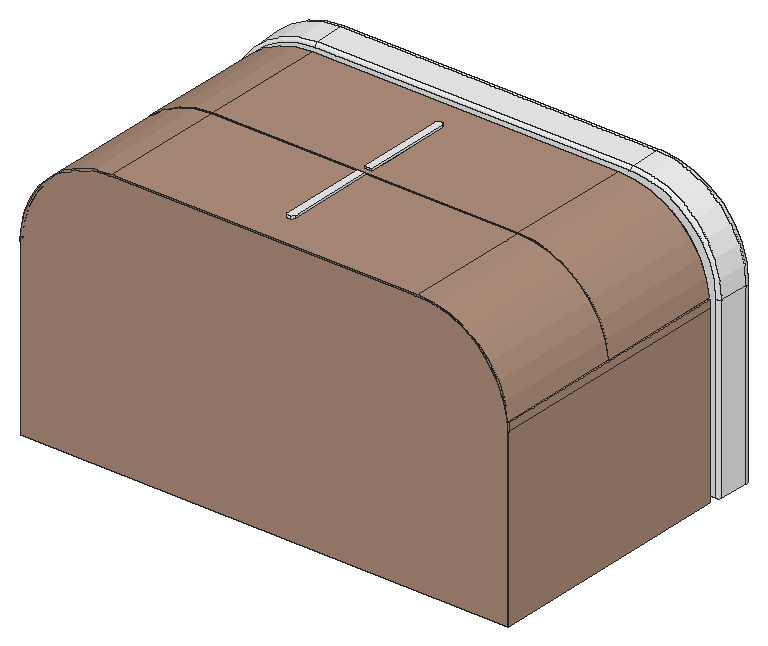
Revit family "Basin-Wall_Hung-DXV-EQUILITY-D21415033", category Plumbing Fixtures, host Face, Revit 2014
Parameters (values of type "D21415033.414")
  Wood Finish = Wood-DXV-414-Natural Oak
  Width = 32 3/4"  # constant formula
  Waste Connection Radius = 5/8"  # constant formula
  Waste Connection Height = 18 1/8"  # constant formula
  Waste Connection Diameter = Waste Connection Radius * 2  # 1 1/4"
  Waste Connection = yes
  Warranty Documentation Link = "https://www.dxv.com/-/media/files/dxv/warranty/dxv_warranty_booklet.ashx"
  WFU = 2  # constant formula
  Vent Connection = no
  URL = "https://www.dxv.com/"
  Type Comments = ""
  Product Page URL = "https://www.dxv.com/product/equility-33-wall-hung-vanity"
  Product Documentation Link = "https://dxv01.blob.core.windows.net/dxv-product-pdf-files/spec_D21415033_DXV_Lyndon_33in_wh_vanity_EN.pdf"
  Price = "Prices may vary. Please consult Manufacturer Representative for most up-to-date price list."  # constant formula
  Model = "D21415033.414"
  Materials = Fine Fire Clay-DXV-415-Canvas White
  Manufacturer = "DXV"  # constant formula
  Length = 17 11/16"  # constant formula
  Installation Type = "Wall-Mounted"  # constant formula
  Hot Water Connection Width = 4"  # constant formula
  Hot Water Connection Radius = 1/4"  # constant formula
  Hot Water Connection Height = 19 3/4"  # constant formula
  Hot Water Connection Diameter = Hot Water Connection Radius * 2  # 1/2"
  Height = 2 9/16"  # constant formula
  HWFU = 1.5  # constant formula
  HW Connection = yes
  Description = "EQUILITY™(Formerly LYNDON®) 22\" WALL-HUNG VANITY conjunction with 22\" Equility Lavatory (D20075001.415) Natural Oak (414)"
  Default Elevation = 34"
  Creation Date = "3/13/19"  # constant formula
  Cold Water Connection Width = 4"  # constant formula
  Cold Water Connection Radius = 1/4"  # constant formula
  Cold Water Connection Height = Hot Water Connection Height  # 19 3/4"
  Cold Water Connection Diameter = Cold Water Connection Radius * 2  # 1/2"
  CWFU = 1.5  # constant formula
  CW Connection = yes
  Basin Shape = "Rectangle Rounded Front"  # constant formula
  Assembly Code = "D2010310"
Types (3): name | Wood Finish | Model | Description
  (no name) | Wood-DXV-414-Natural Oak | "D21415033.414" | "EQUILITY™(Formerly LYNDON®) 22\" WALL-HUNG VANITY conjunction with 22\" Equility Lavatory (D20075001.415) Natural Oak (414)"
  D21415033.414 | Wood-DXV-414-Natural Oak | "D21415033.414" | "EQUILITY™(Formerly LYNDON®) 22\" WALL-HUNG VANITY conjunction with 22\" Equility Lavatory (D20075001.415) Natural Oak (414)"
  D21415033.610 | Wood-DXV-610-Wenge | "D21415033.610" | "EQUILITY™(Formerly LYNDON®) 33\" WALL-HUNG VANITY conjunction with 22\" Equility Lavatory (D20076001.415) Wenge (610)"
Reference planes (in)
  plane 1 "Center (Front/Back)": y = -2.1875
  plane 2: z = 0
  plane 3 "Center (Left/Right)": x = 0
  plane 4: y = -36.1875
  plane 5: y = -18.0625
  plane 6: y = -16.4375
  plane 7: y = -4.75
  plane 8: x = 4
  plane 9: x = -4
  plane 10: x = 10.53125
  plane 11: x = -10.53125
  plane 12: z = 7.875
  plane 13: z = 2.4375
  plane 14: x = 0.6875
  plane 15: x = -0.6875
  plane 16: x = 0.875
  plane 17: x = -0.875
  plane 18: y = -21.9375
  plane 19: y = -13.6875
  plane 20: y = -13.625
  plane 21: y = -5.375
  plane 22: z = 16.8125
  plane 23: z = 17.4375
  plane 24: x = 16.375
  plane 25: x = -16.375
  plane 26: z = 17.6875
  plane 27: z = 17.6875
  plane 28: z = 17.5625
  plane 29: z = 12
Forms (in)
  Extrusion 1, solid, material "Fine Fire Clay-DXV-415-Canvas White" <- "Materials"
    sketch origin (0, 0.625, 11) x (1, 0, 0) y (0, 0, -1)
      loop
        line (-16.375, 11) -> (-16.375, -0.6875)
        arc (-16.375, -0.6875) -> (-14.61764, -4.93014) -> (-10.375, -6.6875) r 6
        line (-10.375, -6.6875) -> (10.375, -6.6875)
        arc (10.375, -6.6875) -> (14.61764, -4.93014) -> (16.375, -0.6875) r 6
        line (16.375, -0.6875) -> (16.375, 11) -> (-16.375, 11)
      loop
        line (-9.625, 6.3125) -> (-9.625, -1.6875)
        arc (-9.625, -1.6875) -> (-8.45343, -4.51593) -> (-5.625, -5.6875) r 4
        line (-5.625, -5.6875) -> (5.625, -5.6875)
        arc (5.625, -5.6875) -> (8.45343, -4.51593) -> (9.625, -1.6875) r 4
        line (9.625, -1.6875) -> (9.625, 6.3125) -> (-9.625, 6.3125)
    from -5.375 to -2.8125
  Extrusion 2, void
    sketch origin (0, -1.75, 11) x (1, 0, 0) y (0, 0, -1)
      loop
        circle (0, 8.5625) r 0.6875
    from -3.75 to 2.77069
  Extrusion 3, solid, material "Fine Fire Clay-DXV-415-Canvas White" <- "Materials"
    sketch origin (0, -5.125, 11.4375) x (1, 0, 0) y (0, 0, -1)
      loop
        line (-9.75, 10.125) -> (-9.75, 6.6875) -> (9.625, 6.6875) -> (9.625, 10.125) -> (-9.75, 10.125)
    from -0.375 to 2.9375
  Extrusion 4, solid, not visible
    sketch origin (0, 0, 0) x (1, 0, 0) y (0, 1, 0)
      loop
        circle (-4, -16.4375) r 0.25
      loop
        circle (0, -18.0625) r 0.625
      loop
        circle (4, -16.4375) r 0.25
    from 0 to 0.0625
  Sweep 5, void
    path origin (0, -2.1875, 11.4375) x (1, 0, 0) y (0, 0, -1)
      loop
        line (-9.75, 6.6875) -> (9.625, 6.6875)
    profile origin (-0.0625, -2.1875, 4.75) x (0, 0, -1) y (0, 1, 0)
      loop
        line (0.12464, 0) -> (0.12464, 0.03125) -> (-0.03125, 0.03125) -> (-0.03125, -0.10278) -> (0, -0.10278) -> (0, -0.0625)
        arc (0, -0.0625) -> (0.01831, -0.01831) -> (0.0625, 0) r 0.0625
        line (0.0625, 0) -> (0.12464, 0)
  Sweep 6, solid, material "Wood-DXV-414-Natural Oak" <- "Wood Finish"
    path origin (0, -2.1875, 0) x (1, 0, 0) y (0, 0, 1)
      loop
        line (16.0625, 0) -> (16.0625, 11.4375)
        arc (16.0625, 11.4375) -> (14.30514, 15.68014) -> (10.0625, 17.4375) r 6
        line (10.0625, 17.4375) -> (-10.0625, 17.4375)
        arc (-10.0625, 17.4375) -> (-14.30514, 15.68014) -> (-16.0625, 11.4375) r 6
        line (-16.0625, 11.4375) -> (-16.0625, 0)
    profile origin (0, -2.1875, 17.4375) x (0, 0, -1) y (0, -1, 0)
      loop
        line (0, 3.1875) -> (0.625, 3.1875) -> (0.625, 2.5625) -> (0.85286, 2.5625) -> (0.85286, 2.625) -> (0.71278, 2.625) -> (0.71278, 3.25566) -> (0.125, 3.25566) -> (0.125, 19.65054) -> (2.3125, 19.65054) -> (2.3125, 19.75) -> (0.03125, 19.75)
        arc (0.03125, 19.75) -> (0.00915, 19.74085) -> (0, 19.71875) r 0.03125
        line (0, 19.71875) -> (0, 3.1875)
  Sweep 7, void
    path origin (0, -3.75, 11.9375) x (1, 0, 0) y (0, 0, -1)
      loop
        arc (15.73897, -0.08492) -> (13.85567, -3.72616) -> (10.02553, -5.1875) r 5.75
        line (10.02553, -5.1875) -> (-10.044, -5.1875)
        arc (-10.044, -5.1875) -> (-13.88209, -3.71904) -> (-15.7598, -0.06372) r 5.75
    profile origin (-13.88209, -3.75, 15.65654) x (-0.667493, 0, 0.744616) y (0, 1, 0)
      loop
        line (0.68502, -9.875) -> (0.23197, -9.875) -> (0.23197, -9.9375) -> (0.68502, -9.9375) -> (0.68502, -9.875)
  Extrusion 8, solid, material "Metal-DXV-414-Polished Chrome"
    sketch origin (0, 0, 0) x (1, 0, 0) y (0, 1, 0)
      loop
        arc (0.25, -7.62482) -> (0, -7.37482) -> (-0.25, -7.62482) r 0.25
        line (-0.25, -7.62482) -> (-0.25, -13.37202) -> (0.25, -13.37202) -> (0.25, -7.62482)
      loop
        arc (-0.25, -19.6875) -> (0, -19.9375) -> (0.25, -19.6875) r 0.25
        line (0.25, -19.6875) -> (0.25, -13.9375) -> (-0.25, -13.9375) -> (-0.25, -19.6875)
    from 17.5625 to 17.6875
  Extrusion 9, solid, material "Metal-DXV-414-Polished Chrome"
    sketch origin (0, 0, -0.125) x (1, 0, 0) y (0, 1, 0)
      loop
        line (-0.125, -14.93912) -> (-0.125, -18.06628)
        arc (-0.125, -18.06628) -> (0, -18.19128) -> (0.125, -18.06628) r 0.125
        line (0.125, -18.06628) -> (0.125, -14.93912) -> (-0.125, -14.93912)
      loop
        line (-0.125, -9.24047) -> (-0.125, -12.3704) -> (0.125, -12.3704) -> (0.125, -9.24047)
        arc (0.125, -9.24047) -> (0, -9.11547) -> (-0.125, -9.24047) r 0.125
    from 17.5625 to 17.6875
  Extrusion 10, solid, material "Wood-DXV-414-Natural Oak" <- "Wood Finish"
    sketch origin (0, -17.7031, 0.375) x (1, 0, 0) y (0, 0, 1)
      loop
        line (-13.75, -0.375) -> (13.75, -0.375) -> (13.75, 11.0625)
        arc (13.75, 11.0625) -> (12.66996, 13.66996) -> (10.0625, 14.75) r 3.6875
        line (10.0625, 14.75) -> (-10.0625, 14.75)
        arc (-10.0625, 14.75) -> (-12.66996, 13.66996) -> (-13.75, 11.0625) r 3.6875
        line (-13.75, 11.0625) -> (-13.75, -0.375)
    from 4.13495 to 4.2344
  Sweep 11, void
    path origin (0, -0.61894, 11) x (1, 0, 0) y (0, 0, -1)
      loop
        line (-16.375, 11) -> (-16.375, -0.6875)
        arc (-16.375, -0.6875) -> (-14.61764, -4.93014) -> (-10.375, -6.6875) r 6
        line (-10.375, -6.6875) -> (10.375, -6.6875)
        arc (10.375, -6.6875) -> (14.61764, -4.93014) -> (16.375, -0.6875) r 6
        line (16.375, -0.6875) -> (16.375, 11)
    profile origin (16.375, -0.61894, 5.84375) x (0, 1, 0) y (-1, 0, 0)
      loop
        line (-2.02186, 0.09828) -> (-3.9217, 0.17637)
        arc (-3.9217, 0.17637) -> (-4.07026, 0.24334) -> (-4.13106, 0.39451) r 0.21833
        line (-4.13106, 0.39451) -> (-4.13106, 0.61302) -> (-4.25919, 0.61302) -> (-4.25919, -0.13823) -> (-1.40611, -0.13823) -> (-1.40611, 1) -> (-1.56856, 1) -> (-1.56856, 0.53332)
        arc (-1.56856, 0.53332) -> (-1.70248, 0.21918) -> (-2.02186, 0.09828) r 0.43541
  Sweep 12, solid, material "Fine Fire Clay-DXV-415-Canvas White" <- "Materials"
    path origin (0, -2.15999, 0.00781) x (1, 0, 0) y (0, 0, 1)
      loop
        line (-9.625, -0.00781) -> (-9.625, 12.67969)
        arc (-9.625, 12.67969) -> (-8.45343, 15.50811) -> (-5.625, 16.67969) r 4
        line (-5.625, 16.67969) -> (5.625, 16.67969)
        arc (5.625, 16.67969) -> (8.45343, 15.50811) -> (9.625, 12.67969) r 4
        line (9.625, 12.67969) -> (9.625, -0.24166)
    profile origin (0, -2.15999, 16.6875) x (0, 0, 1) y (0, -1, 0)
      loop
        arc (0.20494, 0.02751) -> (-0.98746, 2.75208) -> (-3.35763, 4.54855) r 5.89868
        arc (-3.35763, 4.54855) -> (-3.46937, 4.58254) -> (-3.5856, 4.59402) r 0.59424
        line (-3.5856, 4.59402) -> (-3.66606, 4.59402) -> (-3.66606, 4.39209) -> (-3.51465, 4.39209)
        arc (-3.51465, 4.39209) -> (-3.47074, 4.38777) -> (-3.42851, 4.37498) r 0.22541
        arc (-3.42851, 4.37498) -> (-1.13859, 2.64893) -> (0.02379, 0.02751) r 5.71118
        line (0.02379, 0.02751) -> (0.20494, 0.02751)
  Extrusion 13, solid, material "Fine Fire Clay-DXV-415-Canvas White" <- "Materials"
    sketch origin (0, -5.90999, 11) x (1, 0, 0) y (0, 0, -1)
      loop
        line (5.95894, 6.6875) -> (-5.95894, 6.6875) -> (-5.95894, -1.6875)
        arc (-5.95894, -1.6875) -> (-5.86113, -1.92363) -> (-5.625, -2.02144) r 0.33394
        line (-5.625, -2.02144) -> (5.625, -2.02144)
        arc (5.625, -2.02144) -> (5.86113, -1.92363) -> (5.95894, -1.6875) r 0.33394
        line (5.95894, -1.6875) -> (5.95894, 6.6875)
    from -0.84402 to -0.64209
  Extrusion 14, solid, material "Fine Fire Clay-DXV-415-Canvas White" <- "Materials"
    sketch origin (0, -2.15999, 0.375) x (1, 0, 0) y (0, 0, 1)
      loop
        line (2.25, 6.125) -> (2.25, 8)
        arc (2.25, 8) -> (1.88388, 8.88388) -> (1, 9.25) r 1.25
        line (1, 9.25) -> (-1, 9.25)
        arc (-1, 9.25) -> (-1.88388, 8.88388) -> (-2.25, 8) r 1.25
        line (-2.25, 8) -> (-2.25, 6.125)
        arc (-2.25, 6.125) -> (-2.10355, 5.77145) -> (-1.75, 5.625) r 0.5
        line (-1.75, 5.625) -> (1.75, 5.625)
        arc (1.75, 5.625) -> (2.10355, 5.77145) -> (2.25, 6.125) r 0.5
    from 4.29026 to 4.3594
  Extrusion 15, void
    sketch origin (-0.125, -2.1875, -1.22878) x (1, 0, 0) y (0, 0, 1)
      loop
        line (-15.9375, 13.29128) -> (-15.9375, 13.22878) -> (-15.82937, 13.22878) -> (-15.82937, 13.29128) -> (-15.9375, 13.29128)
    from 3.07654 to 19.92705
  Extrusion 16, void
    sketch origin (0.97656, -2.1875, 0.52122) x (-1, 0, 0) y (0, 0, -1)
      loop
        line (-15.12985, -11.54128) -> (-14.97624, -11.54128) -> (-14.97624, -11.47878) -> (-15.12985, -11.47878) -> (-15.12985, -11.54128)
    from 3.02865 to 21.44356
Cuts and joins
  Extrusion 2, Sweep 11 cuts Extrusion 1
  Extrusion 2, Sweep 5, Sweep 11 cuts Extrusion 3
  Extrusion 2, Sweep 11 cuts Sweep 12
  Extrusion 2, Sweep 11 cuts Extrusion 13
  joined: Extrusion 1, Extrusion 3, Sweep 12, Extrusion 13
  Sweep 7, Extrusion 15, Extrusion 16 cuts Sweep 6
  Extrusion 16 cuts Extrusion 10
  joined: Sweep 6, Extrusion 10
Lines and regions (in)
  Masking region 1
    outline origin (0, -3.75, 11) x (1, 0, 0) y (0, 0, -1)
      loop
        line (16.375, -0.6875) -> (16.375, 11) -> (-16.375, 11) -> (-16.375, -0.6875)
        arc (-16.375, -0.6875) -> (-14.61764, -4.93014) -> (-10.375, -6.6875) r 6
        line (-10.375, -6.6875) -> (10.375, -6.6875)
        arc (10.375, -6.6875) -> (14.61764, -4.93014) -> (16.375, -0.6875) r 6
  symbolic lines, detail levels medium+fine
    curve 1: line (9.625, -2.1875, 4.75) -> (9.625, -2.1875, 12.68799)
    curve 2: line (-9.625, -2.1875, 12.68837) -> (-9.625, -2.1875, 4.75)
    curve 3: line (-9.625, -2.1875, 4.75) -> (9.625, -2.1875, 4.75)
    curve 4: line (5.62549, -2.1875, 16.6875) -> (-5.62587, -2.1875, 16.6875)
    curve 5: arc (5.62549, -2.1875, 16.6875) -> (8.45357, -2.1875, 15.51607) -> (9.625, -2.1875, 12.68799) r 3.99951
    curve 6: arc (-9.625, -2.1875, 12.68837) -> (-8.45368, -2.1875, 15.51618) -> (-5.62587, -2.1875, 16.6875) r 3.99913
  symbolic lines, detail levels fine
    curve 7: circle (0, -2.1875, 2.4375) r 0.6875 normal (0, 1, 0)
    curve 8: arc (1, -2.1875, 9.625) -> (1.88388, -2.1875, 9.25888) -> (2.25, -2.1875, 8.375) r 1.25
    curve 9: line (2.25, -2.1875, 8.375) -> (2.25, -2.1875, 6.5)
    curve 10: arc (2.25, -2.1875, 6.5) -> (2.10355, -2.1875, 6.14645) -> (1.75, -2.1875, 6) r 0.5
    curve 11: line (1.75, -2.1875, 6) -> (-1.75, -2.1875, 6)
    curve 12: arc (-1.75, -2.1875, 6) -> (-2.10355, -2.1875, 6.14645) -> (-2.25, -2.1875, 6.5) r 0.5
    curve 13: line (-2.25, -2.1875, 6.5) -> (-2.25, -2.1875, 8.375)
    curve 14: arc (-2.25, -2.1875, 8.375) -> (-1.88388, -2.1875, 9.25888) -> (-1, -2.1875, 9.625) r 1.25
    curve 15: line (-1, -2.1875, 9.625) -> (1, -2.1875, 9.625)
Dimensions and locks (in)
  "Waste Connection Height": plane 5 to plane 4
  "Hot Water Connection Height": plane 6 to plane 4
  plane 4 to plane 1 "Center (Front/Back)" = 34"
  plane 9 to plane 8 = 8"  (x2)
  "Hot Water Connection Width": plane 9 to plane 3 "Center (Left/Right)"
  "Cold Water Connection Width": plane 3 "Center (Left/Right)" to plane 8
  host face to plane 12 = 7 7/8"
  locked: host face to plane 13 at 2.4375
  plane 14 to plane 15 = 1 3/8"
  plane 16 to plane 17 = 1 3/4"
  plane 11 to plane 3 "Center (Left/Right)" to plane 10 = 10 17/32", 10 17/32"
  plane 7 to plane 18 = 17 3/16"
  plane 19 to plane 18 = 8 1/4"
  plane 21 to plane 20 = 8 1/4"
  locked: plane 20 to plane 19 at 0.0625
  "Width": plane 25 to plane 24
  "Height": plane 1 "Center (Front/Back)" to plane 7
  "Length": host face to plane 26
  plane 1 "Center (Front/Back)" to plane 7 = 2 9/16"
  aligned and locked: plane 2 to host face
  aligned and locked: level to host face
  aligned and locked: Masking region 1 sketch curve to level
  aligned and locked: Sweep 6 sketch curve to plane 7
  aligned and locked: plane 22 to Sweep 6 sketch curve
  aligned and locked: plane 21 to Sweep 6 sketch curve
  aligned and locked: Extrusion 8 to plane 28
  aligned and locked: plane 27 to Extrusion 8
  aligned and locked: plane 26 to Masking region 1 sketch curve
  aligned and locked: curve 8 to Extrusion 14
  aligned and locked: curve 10 to Extrusion 14
  aligned and locked: curve 12 to Extrusion 14
  aligned and locked: curve 14 to Extrusion 14
Automatic sketch dimensions
  host sketch curve to host sketch curve = 96"  (x2)
  plane 25 to Extrusion 1 sketch curve = 0"
  Extrusion 1 sketch curve to plane 26 = 0"
  plane 24 to Extrusion 1 sketch curve = 0"
  Extrusion 1 sketch curve to level = 0"
  plane 11 to Extrusion 1 sketch curve = 29/32"
  plane 11 to Extrusion 1 sketch curve = 5/32"
  Extrusion 1 sketch curve to plane 22 = 1/8"
  Extrusion 1 sketch curve to plane 9 = 1 5/8"
  Extrusion 1 sketch curve to plane 8 = 1 5/8"
  Extrusion 1 sketch curve to Extrusion 1 sketch curve = 4 3/4"
  Extrusion 1 sketch curve to plane 29 = 11/16"
  plane 13 to Extrusion 1 sketch curve = 2 1/4"
  Extrusion 2 sketch curve to plane 3 "Center (Left/Right)" = 0"
  Extrusion 2 sketch curve to plane 13 = 0"
  plane 11 to Extrusion 3 sketch curve = 25/32"
  plane 10 to Extrusion 3 sketch curve = 29/32"
  plane 13 to Extrusion 3 sketch curve = 2 5/16"
  Extrusion 3 sketch curve to plane 13 = 1 1/8"
  Extrusion 4 sketch curve to plane 6 = 0"  (x2)
  Extrusion 4 sketch curve to plane 9 = 0"
  Extrusion 4 sketch curve to plane 3 "Center (Left/Right)" = 0"
  Extrusion 4 sketch curve to plane 8 = 0"
  Extrusion 4 sketch curve to plane 5 = 0"
  Extrusion 3 to Sweep 5 sketch curve = 0"
  Sweep 5 sketch curve to Extrusion 3 = 0"  (x2)
  Sweep 5 sketch curve to profile plane = 0"  (x2)
  profile plane to Sweep 5 sketch curve = 1/32"
  Sweep 5 sketch curve to profile plane = 1/16"
  Sweep 5 sketch curve to Sweep 5 sketch curve = 0.06214"
  Sweep 5 sketch curve to Sweep 5 sketch curve = 0.04028"
  Sweep 5 sketch curve to Sweep 5 sketch curve = 1/32"
  plane 25 to Masking region 1 sketch curve = 0"
  plane 24 to Masking region 1 sketch curve = 0"
  Masking region 1 sketch curve to plane 9 = 6 3/8"
  Masking region 1 sketch curve to plane 8 = 6 3/8"
  Sweep 6 sketch curve to level = 0"  (x2)
  Sweep 6 sketch curve to plane 23 = 0"
  Sweep 6 sketch curve to plane 25 = 5/16"
  plane 11 to Sweep 6 sketch curve = 15/32"
  plane 10 to Sweep 6 sketch curve = 15/32"
  plane 24 to Sweep 6 sketch curve = 5/16"
  Sweep 6 sketch curve to profile plane = 0"
  Sweep 6 sketch curve to profile plane = 1/32"
  Sweep 6 sketch curve to profile plane = 1/8"
  Sweep 6 sketch curve to Sweep 6 sketch curve = 0.08778"
  Sweep 6 sketch curve to Sweep 6 sketch curve = 0.14008"
  Sweep 6 sketch curve to Sweep 6 sketch curve = 2 3/16"
  Sweep 6 sketch curve to Sweep 6 sketch curve = 1/16"
  Sweep 6 sketch curve to Sweep 6 sketch curve = 0.06816"
  Sweep 6 sketch curve to Sweep 6 sketch curve = 16.39488"
  Sweep 6 sketch curve to Sweep 6 sketch curve = 0.06821"
  Sweep 7 sketch curve to profile plane = 0.23197"
  Sweep 7 sketch curve to Sweep 7 sketch curve = 0.45305"
  Sweep 7 sketch curve to profile plane = 9 15/16"
  Sweep 7 sketch curve to Sweep 7 sketch curve = 1/16"
  Extrusion 8 sketch curve to plane 3 "Center (Left/Right)" = 0"  (x2)
  Extrusion 8 sketch curve to plane 3 "Center (Left/Right)" = 1/4"  (x2)
  Extrusion 8 sketch curve to plane 5 = 1 5/8"
  Extrusion 8 sketch curve to plane 19 = 1/4"
  plane 20 to Extrusion 8 sketch curve = 0.25298"
  Extrusion 8 sketch curve to plane 21 = 2.24982"
  Extrusion 8 sketch curve to Extrusion 8 sketch curve = 0"
  Extrusion 10 sketch curve to level = 0"
  Extrusion 10 sketch curve to plane 25 = 2 5/8"
  plane 11 to Extrusion 10 sketch curve = 15/32"
  plane 10 to Extrusion 10 sketch curve = 15/32"
  plane 24 to Extrusion 10 sketch curve = 2 5/8"
  plane 12 to Extrusion 10 sketch curve = 3 9/16"
  Extrusion 10 sketch curve to Extrusion 10 sketch curve = 0"
  profile plane to Sweep 11 sketch curve = 0.13823"
  Sweep 11 sketch curve to profile plane = 4.25919"
  Sweep 11 sketch curve to Sweep 11 sketch curve = 0.12813"
  Sweep 11 sketch curve to profile plane = 0.17637"
  Sweep 11 sketch curve to Sweep 11 sketch curve = 0.20936"
  Sweep 11 sketch curve to Sweep 11 sketch curve = 0.21833"
  Sweep 11 sketch curve to profile plane = 0.09828"
  Sweep 11 sketch curve to Sweep 11 sketch curve = 1.89985"
  Sweep 11 sketch curve to Sweep 11 sketch curve = 0.01788"
  Sweep 11 sketch curve to Sweep 11 sketch curve = 0.43541"
  Sweep 11 sketch curve to Sweep 11 sketch curve = 0.16245"
  Sweep 11 sketch curve to Sweep 11 sketch curve = 0.2185"
  Sweep 11 sketch curve to Sweep 11 sketch curve = 0.46668"
  Sweep 12 sketch curve to level = 0"
  plane 11 to Sweep 12 sketch curve = 29/32"
  Sweep 12 sketch curve to plane 29 = 11/16"  (x2)
  Sweep 12 sketch curve to plane 9 = 1 5/8"
  Sweep 12 sketch curve to plane 8 = 1 5/8"
  Sweep 12 sketch curve to level = 0.23385"
  Sweep 12 sketch curve to profile plane = 0.8988"
  profile plane to Sweep 12 sketch curve = 5.62056"
  Sweep 12 sketch curve to Sweep 12 sketch curve = 0.00942"
  profile plane to Sweep 12 sketch curve = 3.66606"
  Sweep 12 sketch curve to Sweep 12 sketch curve = 0.08046"
  Sweep 12 sketch curve to Sweep 12 sketch curve = 0.15141"
  Sweep 12 sketch curve to profile plane = 0.02379"
  profile plane to Sweep 12 sketch curve = 0.02751"
  Sweep 12 sketch curve to Sweep 12 sketch curve = 0.18115"
  Sweep 12 sketch curve to Sweep 12 sketch curve = 1/256"
  profile plane to Sweep 12 sketch curve = 3.99978"
  Sweep 12 sketch curve to Sweep 12 sketch curve = 0.1669"
  Sweep 12 sketch curve to Sweep 12 sketch curve = 0.01711"
  Sweep 12 sketch curve to Sweep 12 sketch curve = 0.20193"
  Extrusion 13 sketch curve to plane 9 = 1.95894"
  Extrusion 13 sketch curve to Extrusion 13 sketch curve = 0.33394"  (x2)
  Extrusion 13 sketch curve to plane 29 = 11/16"
  Extrusion 13 sketch curve to plane 8 = 1 5/8"
  plane 13 to Extrusion 13 sketch curve = 1 7/8"
  plane 12 to Extrusion 14 sketch curve = 1/2"  (x2)
  plane 17 to Extrusion 14 sketch curve = 1 3/8"
  Extrusion 14 sketch curve to Extrusion 14 sketch curve = 1/2"
  plane 17 to Extrusion 14 sketch curve = 1/8"
  plane 16 to Extrusion 14 sketch curve = 1/8"
  plane 16 to Extrusion 14 sketch curve = 7/8"
  Extrusion 14 sketch curve to plane 12 = 1 3/8"
  Extrusion 15 sketch curve to plane 29 = 0"
  Extrusion 15 sketch curve to plane 25 = 5/16"
  Extrusion 15 sketch curve to Extrusion 15 sketch curve = 0.10813"
  Extrusion 15 sketch curve to Extrusion 15 sketch curve = 1/16"
  Extrusion 16 sketch curve to plane 29 = 0"
  Extrusion 16 sketch curve to plane 24 = 0.26859"
  Extrusion 16 sketch curve to Extrusion 16 sketch curve = 0.15361"
  Extrusion 16 sketch curve to Extrusion 16 sketch curve = 1/16"
  plane 25 to Sweep 11 sketch curve = 0"
  Sweep 11 sketch curve to plane 26 = 0"
  Sweep 11 sketch curve to level = 0"  (x2)
  plane 24 to Sweep 11 sketch curve = 0"
  plane 12 to Sweep 11 sketch curve = 3 13/16"
  plane 10 to Sweep 11 sketch curve = 5/32"
  plane 22 to Sweep 7 sketch curve = 5/16"
  plane 11 to Sweep 7 sketch curve = 0.48725"
  plane 10 to Sweep 7 sketch curve = 0.50572"
  plane 29 to Sweep 7 sketch curve = 5/8"  (x2)
  Sweep 7 sketch curve to plane 29 = 0.00122"
  Sweep 7 sketch curve to plane 29 = 0.02242"
  curve 7 to plane 3 "Center (Left/Right)" = 0"
  curve 7 to plane 13 = 0"
  curve 4 to plane 22 = 1/8"
  curve 4 to plane 9 = 1.62587"
  plane 11 to curve 3 = 29/32"
  curve 4 to plane 8 = 1.62549"
  curve 1 to plane 29 = 0.68799"
  plane 13 to curve 1 = 2 5/16"
  Extrusion 9 sketch curve to plane 3 "Center (Left/Right)" = 0"  (x2)
  Extrusion 9 sketch curve to plane 5 = 0.00378"
  Extrusion 9 sketch curve to plane 19 = 1.25162"
  plane 20 to Extrusion 9 sketch curve = 1.2546"
  Extrusion 9 sketch curve to Extrusion 9 sketch curve = 3.12992"
  Extrusion 9 sketch curve to Extrusion 9 sketch curve = 1/8"
  Extrusion 9 sketch curve to plane 3 "Center (Left/Right)" = 1/8"
  radius of Extrusion 2 sketch curve = 11/16"
  radius of Extrusion 4 sketch curve = 1/4"  (x2)
  radius of Extrusion 4 sketch curve = 5/8"
  radius of curve 7 = 11/16"
Connectors (in)
  piping at (0, -18.0625, 0), diameter 1.25, driven by "Waste Connection Radius", driven by "WFU"
    settings: on Extrusion 4, index 1, connector inside diameter 1 1/4", connector length 0", flow factor 0, pipe flow 0 GPM, pressure drop 0.00 psi, fitting loss kfactor 0, connector angle 0.00°, fixture units 2, engagement length 0", angle of deflection 0.00°, flow configuration 3, flow direction 2, fitting loss method 0, system type 16, joint type 0, gender type 0, connector reference index -1, connector utility 0, adjustable connector yes, is connector primary yes, connector description "1 1/4\" O.D. Outlet"
  piping at (-4, -16.4375, 0), diameter 0.5, driven by "Hot Water Connection Radius", driven by "HWFU"
    settings: on Extrusion 4, index 2, connector inside diameter 1/2", connector length 0", flow factor 0, pipe flow 0 GPM, pressure drop 0.00 psi, fitting loss kfactor 0, connector angle 0.00°, fixture units 1.5, engagement length 0", angle of deflection 0.00°, flow configuration 3, flow direction 2, fitting loss method 0, system type 19, joint type 0, gender type 0, connector reference index -1, connector utility 0, adjustable connector no, is connector primary no, connector description "1/2\" HW Inlet"
  piping at (4, -16.4375, 0), diameter 0.5, driven by "Cold Water Connection Radius", driven by "CWFU"
    settings: on Extrusion 4, index 3, connector inside diameter 1/2", connector length 0", flow factor 0, pipe flow 0 GPM, pressure drop 0.00 psi, fitting loss kfactor 0, connector angle 0.00°, fixture units 1.5, engagement length 0", angle of deflection 0.00°, flow configuration 3, flow direction 2, fitting loss method 0, system type 20, joint type 0, gender type 0, connector reference index -1, connector utility 0, adjustable connector no, is connector primary no, connector description "1/2\" CW Inlet"
